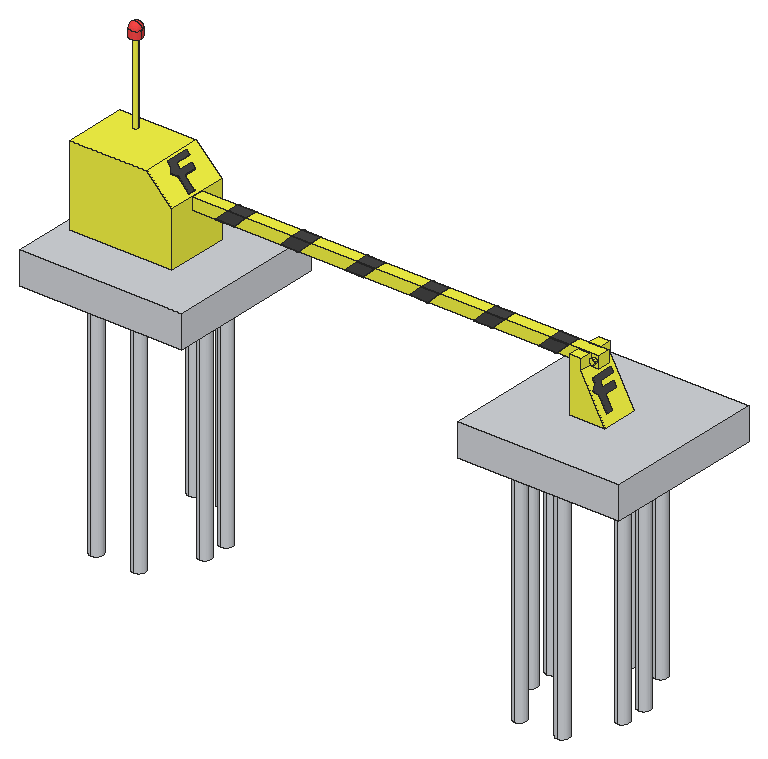
Revit family "ПТУ_свайный фундамент", category Специальное оборудование, Revit 2019
Family settings
  Размер круглого соединителя = Использовать диаметр
  Тип детали = Нормальный
  На основе рабочей плоскости = Нет
  Всегда вертикально = Нет
  При загрузке вырезать с полостями = Нет
  Общий = Нет
  Точка расчета площади = Нет
Parameters (values of type "ПТУ со свайным фундаментом., под 6000.,Тёплое исполнение")
  Расчет свай [instance] = rounddown(Длина стрелы / 2000 mm)  # 3
  Объём вынимаего грунта = 6.5  # constant formula
  Объём бетона = 0  # constant formula
  Длина стрелы = 6000 mm
  n рисунок [instance] = rounddown(Длина стрелы / 1000 mm)  # 6
  URL = "https://www.fensys.ru/produkciya/ptu/"
  ADSK_Обозначение = "ПТУ-Л 6000ТС"
  ADSK_Наименование = "Противотаранное устройство с вертикальным подъемом стрелы для остановки т/с массой 3,5 т на скорости 40 км/ч. Перекрываемый проезд 6 м. Электромеханический привод. В комплекте с фундаментом свайной конструкции. Высота стрелы над дорогой - 860 мм. Время закрывания 12 с. Потр. мощность 3 кВт. Температура эксплуатации -20°-+50°. В комплекте: ШУ, пост управления, ф/э безопасности, маячок."
  ADSK_Масса = 3400
  ADSK_Комплект = "ПТУ"  # constant formula
  ADSK_Код изделия = "53411"
  ADSK_Завод-изготовитель = "FENSYS"  # constant formula
  ADSK_Единица измерения = "шт."  # constant formula
Types (8, lengths in mm): name | Расчет свай | Длина стрелы | n рисунок | ADSK_Обозначение | ADSK_Наименование | ADSK_Масса | ADSK_Код изделия
  ПТУ со свайным фундаментом., под 6000.,Тёплое исполнение | 3 | 6000 | 6 | "ПТУ-Л 6000ТС" | "Противотаранное устройство с вертикальным подъемом стрелы для остановки т/с массой 3,5 т на скорости 40 км/ч. Перекрываемый проезд 6 м. Электромеханический привод. В комплекте с фундаментом свайной конструкции. Высота стрелы над дорогой - 860 мм. Время закрывания 12 с. Потр. мощность 3 кВт. Температура эксплуатации -20°-+50°. В комплекте: ШУ, пост управления, ф/э безопасности, маячок." | 3400 | "53411"
  ПТУ со свайным фундаментом., под 6000.,Холодное исполнение | 3 | 6000 | 6 | "ПТУ-Л 6000ХС" | "Противотаранное устройство с вертикальным подъемом стрелы для остановки т/с массой 3,5 т на скорости 40 км/ч. Перекрываемый проезд 6 м. Электромеханический привод. В комплекте с фундаментом свайной конструкции. Высота стрелы над дорогой - 860 мм. Время закрывания 12 с. Потр.мощность 5 кВт. Температура эксплуатации -55°-+50°. В комплекте: ШУ, пост управления, ф/э безопасности, маячок." | 3400 | "53403"
  ПТУ со свайным фундаментом., под 4000.,Тёплое исполнение | 2 | 4000 | 4 | "ПТУ-Л 4000ТС" | "Противотаранное устройство с вертикальным подъемом стрелы для остановки т/с массой 3,5 т на скорости 40 км/ч. Перекрываемый проезд 4 м. Электромеханический привод. В комплекте с фундаментом свайной конструкции. Высота стрелы над дорогой - 860 мм. Время закрывания 12 с. Потр. мощность 3 кВт. Температура эксплуатации -20°-+50°. В комплекте: ШУ, пост управления, ф/э безопасности, маячок." | 3150 | "53408"
  ПТУ со свайным фундаментом., под 4000.,Холодное исполнение | 2 | 4000 | 4 | "ПТУ-Л 4000ХС" | "Противотаранное устройство с вертикальным подъемом стрелы для остановки т/с массой 3,5 т на скорости 40 км/ч. Перекрываемый проезд 4 м. Электромеханический привод. В комплекте с фундаментом свайной конструкции. Высота стрелы над дорогой - 860 мм. Время закрывания 12 с. Потр.мощность 5 кВт. Температура эксплуатации -55-+50°. В комплекте: ШУ, пост управления, ф/э безопасности, маячок." | 3150 | "53400"
  ПТУ со свайным фундаментом., под 4500.,Тёплое исполнение | 2 | 4500 | 4 | "ПТУ-Л 4500ТС" | "Противотаранное устройство с вертикальным подъемом стрелы для остановки т/с массой 3,5 т на скорости 40 км/ч. Перекрываемый проезд 4,5 м. Электромеханический привод. В комплекте с фундаментом свайной конструкции. Высота стрелы над дорогой - 860 мм. Время закрывания 12 с. Потр. мощность 3 кВт. Температура эксплуатации -20°-+50°. В комплекте: ШУ, пост управления, ф/э безопасности, маячок." | 3200 | "53409"
  ПТУ со свайным фундаментом., под 4500.,Холодное исполнение | 2 | 4500 | 4 | "ПТУ-Л 4500ХС" | "Противотаранное устройство с вертикальным подъемом стрелы для остановки т/с массой 3,5 т на скорости 40 км/ч. Перекрываемый проезд 4,5 м. Электромеханический привод. В комплекте с фундаментом свайной конструкции. Высота стрелы над дорогой - 860 мм. Время закрывания 12 с. Потр.мощность 5 кВт. Температура эксплуатации -55°-+50°. В комплекте: ШУ, пост управления, ф/э безопасности, маячок." | 3200 | "53401"
  ПТУ со свайным фундаментом., под 5000.,Холодное исполнение | 2 | 5000 | 5 | "ПТУ-Л 5000ХС" | "Противотаранное устройство с вертикальным подъемом стрелы для остановки т/с массой 3,5 т на скорости 40 км/ч. Перекрываемый проезд 5 м. Электромеханический привод. В комплекте с фундаментом свайной конструкции. Высота стрелы над дорогой - 860 мм. Время закрывания 12 с. Потр.мощность 5 кВт. Температура эксплуатации -55°-+50°. В комплекте: ШУ, пост управления, ф/э безопасности, маячок." | 3250 | "53402"
  ПТУ со свайным фундаментом., под 5000.,Тёплое исполнение | 2 | 5000 | 5 | "ПТУ-Л 5000ТС" | "Противотаранное устройство с вертикальным подъемом стрелы для остановки т/с массой 3,5 т на скорости 40 км/ч. Перекрываемый проезд 5 м. Электромеханический привод. В комплекте с фундаментом свайной конструкции. Высота стрелы над дорогой - 860 мм. Время закрывания 12 с. Потр. мощность 3 кВт. Температура эксплуатации -20°-+50°. В комплекте: ШУ, пост управления, ф/э безопасности, маячок." | 3250 | "53410"
Reference planes
  plane 1 "По центру (Вперед/Назад)": y = 0
  plane 2: z = 0
  plane 3 "По центру (Влево/Вправо)": x = 0
  plane 4 "qq": through (-496.28, -2301.368, 1137.47) normal (0.7071, 0, 0.7071)
  plane 5 "xx": x = 6000
Forms (mm)
  Extrusion 1, solid, material "Жёлтый"
    sketch origin (0, 0, 0) x (1, 0, 0) y (0, 0, 1)
      loop
        line (0, 846.25) -> (-393.75, 1240) -> (-1575, 1240) -> (-1575, 0) -> (0, 0) -> (0, 846.25)
    from -480 to 480
  Extrusion 2, solid, material "Жёлтый"
    sketch origin (0, 0, -23.75) x (1, 0, 0) y (0, 0, 1)
      loop
        line (0, 690) -> (6305, 690) -> (6305, 870) -> (0, 870) -> (0, 690)
    from -100 to 100
  Extrusion 3, solid, material "Жёлтый"
    sketch origin (-283.927, 0, 0) x (1, 0, 0) y (0, 0, 1)
      loop
        circle (6530.851, 768.174) r 40
    from -150 to 150
  Extrusion 4, solid, material "Жёлтый"
    sketch origin (0, 10.914, 0) x (1, 0, 0) y (0, 1, 0)
      loop
        circle (-1165.563, 269.086) r 40
    from 1240 to 2500
  Revolve 5, solid, material "Красный"
    sketch origin (0, 280, -100.855) x (1, 0, 0) y (0, 0, 1)
      loop
        line (-1073.063, 2600.855) -> (-1073.063, 2716.582)
        arc (-1073.063, 2716.582) -> (-1100.155, 2781.989) -> (-1165.563, 2809.082) r 92.5
        line (-1165.563, 2809.082) -> (-1165.563, 2600.855) -> (-1073.063, 2600.855)
      axis (-1165.563, 2600.855) -> (-1165.563, 2809.082)
    angle from 0 to 360
  Extrusion 6, solid, material "Чёрный"
    sketch origin (-938.291, -850, 1784.541) x (-0.707107, 0, 0.707107) y (0, -1, 0)
      loop
        line (-804.098, -1090) -> (-804.098, -750)
        arc (-804.098, -750) -> (-807.027, -742.929) -> (-814.098, -740) r 10
        line (-814.098, -740) -> (-884.098, -740) -> (-954.809, -669.289) -> (-1025.519, -740) -> (-1275.519, -740)
        arc (-1275.519, -740) -> (-1282.59, -742.929) -> (-1285.519, -750) r 10
        line (-1285.519, -750) -> (-1285.519, -835)
        arc (-1285.519, -835) -> (-1282.59, -842.071) -> (-1275.519, -845) r 10
        line (-1275.519, -845) -> (-1075.519, -845)
        arc (-1075.519, -845) -> (-1068.448, -847.929) -> (-1065.519, -855) r 10
        line (-1065.519, -855) -> (-1065.519, -1045)
        arc (-1065.519, -1045) -> (-1062.59, -1052.071) -> (-1055.519, -1055) r 10
        line (-1055.519, -1055) -> (-980.519, -1055)
        arc (-980.519, -1055) -> (-973.448, -1052.071) -> (-970.519, -1045) r 10
        line (-970.519, -1045) -> (-970.519, -855)
        arc (-970.519, -855) -> (-967.59, -847.929) -> (-960.519, -845) r 10
        line (-960.519, -845) -> (-895.519, -845)
        arc (-895.519, -845) -> (-888.448, -847.929) -> (-885.519, -855) r 10
        line (-885.519, -855) -> (-885.519, -1090)
        arc (-885.519, -1090) -> (-882.59, -1097.071) -> (-875.519, -1100) r 10
        line (-875.519, -1100) -> (-814.098, -1100)
        arc (-814.098, -1100) -> (-807.027, -1097.071) -> (-804.098, -1090) r 10
    from 0 to 5
  Extrusion 7, solid, material "Чёрный"
    sketch origin (0, -100, -23.75) x (1, 0, 0) y (0, 0, 1)
      loop
        line (377.377, 690) -> (668.716, 690) -> (848.716, 870) -> (557.377, 870) -> (377.377, 690)
    from 0 to 1
  Extrusion 8, solid, material "Чёрный"
    sketch origin (0, 0, 846.25) x (1, 0, 0) y (0, 1, 0)
      loop
        line (848.497, -101) -> (848.497, 100) -> (557.398, 100) -> (557.398, -101) -> (848.497, -101)
    from 0 to 1
  Extrusion 9, solid, material "Чёрный"
    sketch origin (-1068.661, 0, 666.25) x (0, -1, 0) y (-1, 0, 0)
      loop
        line (101, -1737.377) -> (101, -1446.038) -> (-100, -1446.038) -> (-100, -1737.377) -> (101, -1737.377)
    from 0 to 1
  Extrusion 10, solid, material "Чёрный"
    sketch origin (-410.219, 100, -23.75) x (-1, 0, 0) y (0, 0, 1)
      loop
        line (-787.377, 690) -> (-967.377, 870) -> (-1258.716, 870) -> (-1078.716, 690) -> (-787.377, 690)
    from 0 to 1
  Extrusion 11, solid, material "Чёрный", not visible
    sketch origin (0, -100, -23.75) x (1, 0, 0) y (0, 0, 1)
      loop
        line (377.377, 690) -> (668.716, 690) -> (848.716, 870) -> (557.377, 870) -> (377.377, 690)
    from 0 to 1
  Extrusion 12, solid, material "Чёрный", not visible
    sketch origin (0, 0, 846.25) x (1, 0, 0) y (0, 1, 0)
      loop
        line (848.497, -101) -> (848.497, 100) -> (557.398, 100) -> (557.398, -101) -> (848.497, -101)
    from 0 to 1
  Extrusion 13, solid, material "Чёрный", not visible
    sketch origin (-1068.661, 0, 666.25) x (0, -1, 0) y (-1, 0, 0)
      loop
        line (101, -1737.377) -> (101, -1446.038) -> (-100, -1446.038) -> (-100, -1737.377) -> (101, -1737.377)
    from 0 to 1
  Extrusion 14, solid, material "Чёрный", not visible
    sketch origin (-410.219, 100, -23.75) x (-1, 0, 0) y (0, 0, 1)
      loop
        line (-787.377, 690) -> (-967.377, 870) -> (-1258.716, 870) -> (-1078.716, 690) -> (-787.377, 690)
    from 0 to 1
  Extrusion 15, solid, material "Чёрный"
    sketch origin (1000, -100, -23.75) x (1, 0, 0) y (0, 0, 1)
      loop
        line (377.377, 690) -> (668.716, 690) -> (848.716, 870) -> (557.377, 870) -> (377.377, 690)
    from 0 to 1
  Extrusion 16, solid, material "Чёрный"
    sketch origin (1000, 0, 846.25) x (1, 0, 0) y (0, 1, 0)
      loop
        line (848.497, -101) -> (848.497, 100) -> (557.398, 100) -> (557.398, -101) -> (848.497, -101)
    from 0 to 1
  Extrusion 17, solid, material "Чёрный"
    sketch origin (-68.661, 0, 666.25) x (0, -1, 0) y (-1, 0, 0)
      loop
        line (101, -1737.377) -> (101, -1446.038) -> (-100, -1446.038) -> (-100, -1737.377) -> (101, -1737.377)
    from 0 to 1
  Extrusion 18, solid, material "Чёрный"
    sketch origin (589.781, 100, -23.75) x (-1, 0, 0) y (0, 0, 1)
      loop
        line (-787.377, 690) -> (-967.377, 870) -> (-1258.716, 870) -> (-1078.716, 690) -> (-787.377, 690)
    from 0 to 1
  Extrusion 19, solid, material "Чёрный"
    sketch origin (2000, -100, -23.75) x (1, 0, 0) y (0, 0, 1)
      loop
        line (377.377, 690) -> (668.716, 690) -> (848.716, 870) -> (557.377, 870) -> (377.377, 690)
    from 0 to 1
  Extrusion 20, solid, material "Чёрный"
    sketch origin (2000, 0, 846.25) x (1, 0, 0) y (0, 1, 0)
      loop
        line (848.497, -101) -> (848.497, 100) -> (557.398, 100) -> (557.398, -101) -> (848.497, -101)
    from 0 to 1
  Extrusion 21, solid, material "Чёрный"
    sketch origin (931.339, 0, 666.25) x (0, -1, 0) y (-1, 0, 0)
      loop
        line (101, -1737.377) -> (101, -1446.038) -> (-100, -1446.038) -> (-100, -1737.377) -> (101, -1737.377)
    from 0 to 1
  Extrusion 22, solid, material "Чёрный"
    sketch origin (1589.781, 100, -23.75) x (-1, 0, 0) y (0, 0, 1)
      loop
        line (-787.377, 690) -> (-967.377, 870) -> (-1258.716, 870) -> (-1078.716, 690) -> (-787.377, 690)
    from 0 to 1
  Extrusion 23, solid, material "Чёрный"
    sketch origin (3000, -100, -23.75) x (1, 0, 0) y (0, 0, 1)
      loop
        line (377.377, 690) -> (668.716, 690) -> (848.716, 870) -> (557.377, 870) -> (377.377, 690)
    from 0 to 1
  Extrusion 24, solid, material "Чёрный"
    sketch origin (3000, 0, 846.25) x (1, 0, 0) y (0, 1, 0)
      loop
        line (848.497, -101) -> (848.497, 100) -> (557.398, 100) -> (557.398, -101) -> (848.497, -101)
    from 0 to 1
  Extrusion 25, solid, material "Чёрный"
    sketch origin (1931.339, 0, 666.25) x (0, -1, 0) y (-1, 0, 0)
      loop
        line (101, -1737.377) -> (101, -1446.038) -> (-100, -1446.038) -> (-100, -1737.377) -> (101, -1737.377)
    from 0 to 1
  Extrusion 26, solid, material "Чёрный"
    sketch origin (2589.781, 100, -23.75) x (-1, 0, 0) y (0, 0, 1)
      loop
        line (-787.377, 690) -> (-967.377, 870) -> (-1258.716, 870) -> (-1078.716, 690) -> (-787.377, 690)
    from 0 to 1
  Extrusion 27, solid
    sketch origin (-25, 0, -500) x (0, 1, 0) y (1, 0, 0)
      loop
        circle (950, 6454.206) r 100
    from 0 to 3500
  Extrusion 28, solid
    sketch origin (-25, 0, -500) x (0, 1, 0) y (1, 0, 0)
      loop
        circle (950, 5994.206) r 100
    from 0 to 3500
  Extrusion 29, solid
    sketch origin (-25, 0, -500) x (0, 1, 0) y (1, 0, 0)
      loop
        circle (206.855, 5370) r 100
    from 0 to 3500
  Extrusion 30, solid
    sketch origin (-25, 0, -500) x (0, 1, 0) y (1, 0, 0)
      loop
        circle (-206.855, 5370) r 100
    from 0 to 3500
  Extrusion 31, solid
    sketch origin (-25, 0, -500) x (0, 1, 0) y (1, 0, 0)
      loop
        circle (206.855, 6790) r 100
    from 0 to 3500
  Extrusion 32, solid
    sketch origin (-25, 0, -500) x (0, 1, 0) y (1, 0, 0)
      loop
        circle (-206.855, 6790) r 100
    from 0 to 3500
  Extrusion 33, solid
    sketch origin (-25, 0, -500) x (0, 1, 0) y (1, 0, 0)
      loop
        circle (-950, 5793.512) r 100
    from 0 to 3500
  Extrusion 34, solid
    sketch origin (-25, 0, -500) x (0, 1, 0) y (1, 0, 0)
      loop
        circle (-950, 6454.206) r 100
    from 0 to 3500
  Extrusion 35, solid
    sketch origin (4159.754, 0, -500) x (0, -1, 0) y (-1, 0, 0)
      loop
        circle (-950, 4954.206) r 100
    from 0 to 3500
  Extrusion 36, solid
    sketch origin (4159.754, 0, -500) x (0, -1, 0) y (-1, 0, 0)
      loop
        circle (-950, 4494.206) r 100
    from 0 to 3500
  Extrusion 37, solid
    sketch origin (4159.754, 0, -500) x (0, -1, 0) y (-1, 0, 0)
      loop
        circle (-206.855, 3870) r 100
    from 0 to 3500
  Extrusion 38, solid
    sketch origin (4159.754, 0, -500) x (0, -1, 0) y (-1, 0, 0)
      loop
        circle (206.855, 3870) r 100
    from 0 to 3500
  Extrusion 39, solid
    sketch origin (4159.754, 0, -500) x (0, -1, 0) y (-1, 0, 0)
      loop
        circle (950, 4293.512) r 100
    from 0 to 3500
  Extrusion 40, solid
    sketch origin (4159.754, 0, -500) x (0, -1, 0) y (-1, 0, 0)
      loop
        circle (950, 4954.206) r 100
    from 0 to 3500
  Extrusion 41, solid
    sketch origin (0, 0, 0) x (1, 0, 0) y (0, 1, 0)
      loop
        line (-1732.685, 1250) -> (-1732.685, -1250) -> (767.315, -1250) -> (767.315, 1250) -> (-1732.685, 1250)
      loop
        line (7547.715, 1250) -> (5047.715, 1250) -> (5047.715, -1250) -> (7547.715, -1250) -> (7547.715, 1250)
    from 0 to -500
  Extrusion 42, solid, material "Чёрный"
    sketch origin (4000, -100, -23.75) x (1, 0, 0) y (0, 0, 1)
      loop
        line (377.377, 690) -> (668.716, 690) -> (848.716, 870) -> (557.377, 870) -> (377.377, 690)
    from 0 to 1
  Extrusion 43, solid, material "Чёрный"
    sketch origin (4000, 0, 846.25) x (1, 0, 0) y (0, 1, 0)
      loop
        line (848.497, -101) -> (848.497, 100) -> (557.398, 100) -> (557.398, -101) -> (848.497, -101)
    from 0 to 1
  Extrusion 44, solid, material "Чёрный"
    sketch origin (2931.339, 0, 666.25) x (0, -1, 0) y (-1, 0, 0)
      loop
        line (101, -1737.377) -> (101, -1446.038) -> (-100, -1446.038) -> (-100, -1737.377) -> (101, -1737.377)
    from 0 to 1
  Extrusion 45, solid, material "Чёрный"
    sketch origin (3589.781, 100, -23.75) x (-1, 0, 0) y (0, 0, 1)
      loop
        line (-787.377, 690) -> (-967.377, 870) -> (-1258.716, 870) -> (-1078.716, 690) -> (-787.377, 690)
    from 0 to 1
  Extrusion 46, solid, material "Чёрный"
    sketch origin (5000, -100, -23.75) x (1, 0, 0) y (0, 0, 1)
      loop
        line (377.377, 690) -> (668.716, 690) -> (848.716, 870) -> (557.377, 870) -> (377.377, 690)
    from 0 to 1
  Extrusion 47, solid, material "Чёрный"
    sketch origin (5000, 0, 846.25) x (1, 0, 0) y (0, 1, 0)
      loop
        line (848.497, -101) -> (848.497, 100) -> (557.398, 100) -> (557.398, -101) -> (848.497, -101)
    from 0 to 1
  Extrusion 48, solid, material "Чёрный"
    sketch origin (3931.339, 0, 666.25) x (0, -1, 0) y (-1, 0, 0)
      loop
        line (101, -1737.377) -> (101, -1446.038) -> (-100, -1446.038) -> (-100, -1737.377) -> (101, -1737.377)
    from 0 to 1
  Extrusion 49, solid, material "Чёрный"
    sketch origin (4589.781, 100, -23.75) x (-1, 0, 0) y (0, 0, 1)
      loop
        line (-787.377, 690) -> (-967.377, 870) -> (-1258.716, 870) -> (-1078.716, 690) -> (-787.377, 690)
    from 0 to 1
Cuts and joins
  joined: Extrusion 2, Extrusion 3
Lines and regions (mm)
  model lines
    curve 1: line (-393.75, -480, 1120) -> (-533.75, -480, 1120)
    curve 2: line (-393.75, -480, 1120) -> (-82.623, -480, 808.873)
    curve 3: line (-82.623, -480, 808.873) -> (-82.623, -480, 108.873)
    curve 4: line (-82.623, -480, 108.873) -> (-533.75, -480, 108.873)
    curve 5: line (-533.75, -480, 108.873) -> (-533.75, -480, 1120)
    curve 6: circle (-508.265, -480, 1016.19) r 5 normal (0, -1, 0)
    curve 7: circle (-508.265, -480, 616.19) r 5 normal (0, -1, 0)
    curve 8: circle (-508.265, -480, 196.19) r 5 normal (0, -1, 0)
    curve 9: circle (-437.554, -480, 125.48) r 5 normal (0, -1, 0)
    curve 10: circle (-312.554, -480, 125.48) r 5 normal (0, -1, 0)
    curve 11: circle (-187.554, -480, 125.48) r 5 normal (0, -1, 0)
    curve 12: circle (-393.265, -480, 1016.19) r 5 normal (0, -1, 0)
    curve 13: circle (-276.592, -480, 899.518) r 5 normal (0, -1, 0)
    curve 14: circle (-149.313, -480, 772.238) r 5 normal (0, -1, 0)
    curve 15: circle (-149.313, -480, 592.238) r 5 normal (0, -1, 0)
    curve 16: circle (-149.313, -480, 392.238) r 5 normal (0, -1, 0)
    curve 17: line (-393.75, 480, 1120) -> (-533.75, 480, 1120)
    curve 18: line (-393.75, 480, 1120) -> (-82.623, 480, 808.873)
    curve 19: line (-82.623, 480, 108.873) -> (-533.75, 480, 108.873)
    curve 20: line (-533.75, 480, 108.873) -> (-533.75, 480, 1120)
    curve 21: circle (-508.265, 480, 1016.19) r 5 normal (0, -1, 0)
    curve 22: circle (-508.265, 480, 616.19) r 5 normal (0, -1, 0)
    curve 23: circle (-508.265, 480, 196.19) r 5 normal (0, -1, 0)
    curve 24: circle (-437.554, 480, 125.48) r 5 normal (0, -1, 0)
    curve 25: circle (-312.554, 480, 125.48) r 5 normal (0, -1, 0)
    curve 26: circle (-187.554, 480, 125.48) r 5 normal (0, -1, 0)
    curve 27: circle (-393.265, 480, 1016.19) r 5 normal (0, -1, 0)
    curve 28: circle (-276.592, 480, 899.518) r 5 normal (0, -1, 0)
    curve 29: circle (-149.313, 480, 772.238) r 5 normal (0, -1, 0)
    curve 30: circle (-149.313, 480, 592.238) r 5 normal (0, -1, 0)
    curve 31: circle (-149.313, 480, 392.238) r 5 normal (0, -1, 0)
    curve 32: line (-82.623, -480, 808.873) -> (-82.623, -480, 108.873)
Dimensions and locks
  "Длина стрелы": plane 5 "xx" to plane 3 "По центру (Влево/Вправо)"
  locked: cut or joined group of Extrusion 2, Extrusion 3 to plane 5 "xx" at 305  (x2)
  locked: Extrusion 3 sketch curve to plane 5 "xx" at 246.924
  equal spacing: group 1, group 3, group 4, group 5, group 6, group 7  (x3)
  locked: plane 3 "По центру (Влево/Вправо)" to Extrusion 41 at 767.315
  locked: Extrusion 41 to plane 5 "xx" at 952.285
  aligned and locked: level to plane 2
  aligned and locked: Extrusion 4 to Extrusion 1
  aligned and locked: Revolve 5 to Extrusion 4
  aligned and locked: plane 5 "xx" to nested 1
Automatic sketch dimensions
  Extrusion 7 sketch curve to Extrusion 7 sketch curve = 180 mm  (x3)
  Extrusion 7 sketch curve to Extrusion 7 sketch curve = 111.339 mm
  Extrusion 8 sketch curve to Extrusion 8 sketch curve = 291.1 mm
  Extrusion 9 sketch curve to Extrusion 9 sketch curve = 291.339 mm
  Extrusion 10 sketch curve to Extrusion 10 sketch curve = 180 mm  (x3)
  Extrusion 10 sketch curve to Extrusion 10 sketch curve = 111.339 mm
  Extrusion 8 sketch curve to Extrusion 8 sketch curve = 201 mm
  Extrusion 9 sketch curve to Extrusion 9 sketch curve = 201 mm
  Extrusion 11 sketch curve to Extrusion 11 sketch curve = 180 mm  (x3)
  Extrusion 11 sketch curve to Extrusion 11 sketch curve = 111.339 mm
  Extrusion 12 sketch curve to Extrusion 12 sketch curve = 291.1 mm
  Extrusion 13 sketch curve to Extrusion 13 sketch curve = 291.339 mm
  Extrusion 14 sketch curve to Extrusion 14 sketch curve = 180 mm  (x3)
  Extrusion 14 sketch curve to Extrusion 14 sketch curve = 111.339 mm
  Extrusion 12 sketch curve to Extrusion 12 sketch curve = 201 mm
  Extrusion 13 sketch curve to Extrusion 13 sketch curve = 201 mm
  Extrusion 15 sketch curve to Extrusion 15 sketch curve = 180 mm  (x3)
  Extrusion 15 sketch curve to Extrusion 15 sketch curve = 111.339 mm
  Extrusion 16 sketch curve to Extrusion 16 sketch curve = 291.1 mm
  Extrusion 17 sketch curve to Extrusion 17 sketch curve = 291.339 mm
  Extrusion 18 sketch curve to Extrusion 18 sketch curve = 180 mm  (x3)
  Extrusion 18 sketch curve to Extrusion 18 sketch curve = 111.339 mm
  Extrusion 16 sketch curve to Extrusion 16 sketch curve = 201 mm
  Extrusion 17 sketch curve to Extrusion 17 sketch curve = 201 mm
  Extrusion 19 sketch curve to Extrusion 19 sketch curve = 180 mm  (x3)
  Extrusion 19 sketch curve to Extrusion 19 sketch curve = 111.339 mm
  Extrusion 20 sketch curve to Extrusion 20 sketch curve = 291.1 mm
  Extrusion 21 sketch curve to Extrusion 21 sketch curve = 291.339 mm
  Extrusion 22 sketch curve to Extrusion 22 sketch curve = 180 mm  (x3)
  Extrusion 22 sketch curve to Extrusion 22 sketch curve = 111.339 mm
  Extrusion 20 sketch curve to Extrusion 20 sketch curve = 201 mm
  Extrusion 21 sketch curve to Extrusion 21 sketch curve = 201 mm
  Extrusion 23 sketch curve to Extrusion 23 sketch curve = 180 mm  (x3)
  Extrusion 23 sketch curve to Extrusion 23 sketch curve = 111.339 mm
  Extrusion 24 sketch curve to Extrusion 24 sketch curve = 291.1 mm
  Extrusion 25 sketch curve to Extrusion 25 sketch curve = 291.339 mm
  Extrusion 26 sketch curve to Extrusion 26 sketch curve = 180 mm  (x3)
  Extrusion 26 sketch curve to Extrusion 26 sketch curve = 111.339 mm
  Extrusion 24 sketch curve to Extrusion 24 sketch curve = 201 mm
  Extrusion 25 sketch curve to Extrusion 25 sketch curve = 201 mm
  Extrusion 1 sketch curve to level = 0 mm
  Extrusion 1 sketch curve to plane 3 "По центру (Влево/Вправо)" = 0 mm
  Extrusion 1 sketch curve to plane 3 "По центру (Влево/Вправо)" = 393.75 mm
  Extrusion 1 sketch curve to plane 3 "По центру (Влево/Вправо)" = 1575 mm
  level to Extrusion 1 sketch curve = 846.25 mm
  Extrusion 1 sketch curve to Extrusion 1 sketch curve = 393.75 mm
  Extrusion 2 sketch curve to plane 3 "По центру (Влево/Вправо)" = 0 mm
  plane 5 "xx" to Extrusion 2 sketch curve = 305 mm
  level to Extrusion 2 sketch curve = 666.25 mm
  Extrusion 2 sketch curve to Extrusion 2 sketch curve = 180 mm
  curve 1 to Extrusion 1 = 120 mm
  curve 1 to Extrusion 1 = 533.75 mm
  curve 4 to curve 8 = 25.485 mm
  curve 7 to curve 8 = 0 mm
  curve 1 to curve 6 = 25.485 mm
  curve 4 to curve 9 = 96.196 mm
  curve 1 to curve 2 = 140 mm
  curve 1 to curve 12 = 0.485 mm
  curve 9 to curve 10 = 125 mm
  curve 12 to curve 13 = 116.673 mm
  curve 10 to curve 11 = 125 mm
  curve 16 to Extrusion 1 = 149.313 mm
  curve 14 to Extrusion 1 = 149.313 mm
  curve 15 to Extrusion 1 = 149.313 mm
  curve 14 to curve 3 = 66.69 mm
  curve 12 to curve 1 = 103.81 mm
  curve 6 to curve 1 = 103.81 mm
  curve 13 to curve 12 = 116.673 mm
  curve 3 to curve 13 = 90.645 mm
  curve 14 to curve 2 = 36.635 mm
  curve 7 to curve 13 = 283.327 mm
  curve 15 to curve 14 = 180 mm
  curve 16 to curve 15 = 200 mm
  curve 8 to Extrusion 1 = 196.19 mm
  curve 10 to Extrusion 1 = 125.48 mm
  curve 9 to curve 8 = 70.711 mm
  curve 11 to curve 10 = 0 mm
  curve 5 to curve 8 = 87.317 mm
  curve 17 to plane 3 "По центру (Влево/Вправо)" = 533.75 mm
  curve 19 to curve 23 = 25.485 mm
  curve 23 to curve 22 = 0 mm
  curve 17 to curve 21 = 25.485 mm
  curve 19 to curve 24 = 96.196 mm
  curve 17 to curve 18 = 140 mm
  curve 17 to curve 27 = 0.485 mm
  curve 24 to curve 25 = 125 mm
  curve 27 to curve 28 = 116.673 mm  (x2)
  curve 25 to curve 26 = 125 mm
  curve 31 to plane 3 "По центру (Влево/Вправо)" = 149.313 mm
  curve 30 to plane 3 "По центру (Влево/Вправо)" = 149.313 mm
  curve 29 to plane 3 "По центру (Влево/Вправо)" = 149.313 mm
  level to curve 17 = 1120 mm
  curve 17 to curve 21 = 103.81 mm
  curve 17 to curve 27 = 103.81 mm
  curve 28 to curve 29 = 127.279 mm
  curve 28 to curve 22 = 283.327 mm
  curve 29 to curve 30 = 180 mm
  curve 30 to curve 31 = 200 mm
  level to curve 23 = 196.19 mm
  level to curve 25 = 125.48 mm
  curve 23 to curve 24 = 70.711 mm
  curve 26 to curve 25 = 0 mm
  curve 23 to curve 20 = 87.317 mm
  curve 19 to plane 3 "По центру (Влево/Вправо)" = 82.623 mm
  curve 29 to curve 18 = 66.69 mm
  curve 18 to curve 29 = 36.635 mm
  curve 32 to plane 3 "По центру (Влево/Вправо)" = 82.623 mm
  level to curve 32 = 108.873 mm
  curve 32 to curve 32 = 700 mm
  level to Extrusion 3 sketch curve = 768.174 mm
  Extrusion 4 sketch curve to plane 1 "По центру (Вперед/Назад)" = 280 mm
  Extrusion 4 sketch curve to plane 3 "По центру (Влево/Вправо)" = 1165.563 mm
  Revolve 5 sketch curve to plane 3 "По центру (Влево/Вправо)" = 1165.563 mm
  Revolve 5 sketch curve to Revolve 5 sketch curve = 92.5 mm
  level to Revolve 5 sketch curve = 2500 mm
  Revolve 5 sketch curve to Revolve 5 sketch curve = 115.727 mm
  Revolve 5 sketch curve to Revolve 5 sketch curve = 0 mm
  Revolve 5 sketch curve to Revolve 5 sketch curve = 30 mm
  Revolve 5 sketch curve to Revolve 5 sketch curve = 130 mm
  Extrusion 1 to Extrusion 6 sketch curve = 41.424 mm
  Extrusion 6 sketch curve to Extrusion 6 sketch curve = 10 mm  (x8)
  Extrusion 6 sketch curve to Extrusion 6 sketch curve = 200 mm
  Extrusion 6 sketch curve to Extrusion 6 sketch curve = 50 mm
  Extrusion 6 sketch curve to Extrusion 6 sketch curve = 75 mm
  Extrusion 6 sketch curve to Extrusion 6 sketch curve = 95 mm  (x2)
  Extrusion 6 sketch curve to Extrusion 6 sketch curve = 70.711 mm  (x2)
  Extrusion 6 sketch curve to Extrusion 6 sketch curve = 65 mm
  Extrusion 6 sketch curve to Extrusion 1 = 44.001 mm  (x2)
  Extrusion 1 to Extrusion 6 sketch curve = 230 mm
  Extrusion 6 sketch curve to Extrusion 6 sketch curve = 35 mm
  Extrusion 6 sketch curve to Extrusion 6 sketch curve = 190 mm
  Extrusion 6 sketch curve to Extrusion 6 sketch curve = 0 mm
  Extrusion 6 sketch curve to Extrusion 6 sketch curve = 85 mm
  plane 5 "xx" to Extrusion 27 sketch curve = 429.206 mm
  Extrusion 27 sketch curve to plane 1 "По центру (Вперед/Назад)" = 950 mm
  Extrusion 28 sketch curve to plane 5 "xx" = 30.794 mm
  Extrusion 28 sketch curve to plane 1 "По центру (Вперед/Назад)" = 950 mm
  Extrusion 29 sketch curve to plane 1 "По центру (Вперед/Назад)" = 206.855 mm
  Extrusion 29 sketch curve to plane 5 "xx" = 655 mm
  plane 1 "По центру (Вперед/Назад)" to Extrusion 30 sketch curve = 206.855 mm
  Extrusion 30 sketch curve to plane 5 "xx" = 655 mm
  Extrusion 31 sketch curve to plane 1 "По центру (Вперед/Назад)" = 206.855 mm
  plane 5 "xx" to Extrusion 31 sketch curve = 765 mm
  plane 1 "По центру (Вперед/Назад)" to Extrusion 32 sketch curve = 206.855 mm
  plane 5 "xx" to Extrusion 32 sketch curve = 765 mm
  Extrusion 33 sketch curve to plane 5 "xx" = 231.488 mm
  plane 1 "По центру (Вперед/Назад)" to Extrusion 33 sketch curve = 950 mm
  plane 5 "xx" to Extrusion 34 sketch curve = 429.206 mm
  plane 1 "По центру (Вперед/Назад)" to Extrusion 34 sketch curve = 950 mm
  Extrusion 35 sketch curve to plane 1 "По центру (Вперед/Назад)" = 950 mm
  Extrusion 35 sketch curve to plane 3 "По центру (Влево/Вправо)" = 794.452 mm
  Extrusion 36 sketch curve to plane 3 "По центру (Влево/Вправо)" = 334.452 mm
  Extrusion 36 sketch curve to plane 1 "По центру (Вперед/Назад)" = 950 mm
  Extrusion 37 sketch curve to plane 1 "По центру (Вперед/Назад)" = 206.855 mm
  plane 3 "По центру (Влево/Вправо)" to Extrusion 37 sketch curve = 289.754 mm
  plane 1 "По центру (Вперед/Назад)" to Extrusion 38 sketch curve = 206.855 mm
  plane 3 "По центру (Влево/Вправо)" to Extrusion 38 sketch curve = 289.754 mm
  Extrusion 39 sketch curve to plane 3 "По центру (Влево/Вправо)" = 133.758 mm
  plane 1 "По центру (Вперед/Назад)" to Extrusion 39 sketch curve = 950 mm
  plane 1 "По центру (Вперед/Назад)" to Extrusion 40 sketch curve = 950 mm
  Extrusion 40 sketch curve to plane 3 "По центру (Влево/Вправо)" = 794.452 mm
  Extrusion 41 sketch curve to plane 3 "По центру (Влево/Вправо)" = 1732.685 mm
  plane 3 "По центру (Влево/Вправо)" to Extrusion 41 sketch curve = 767.315 mm
  Extrusion 41 sketch curve to plane 5 "xx" = 952.285 mm
  plane 5 "xx" to Extrusion 41 sketch curve = 1547.715 mm
  plane 1 "По центру (Вперед/Назад)" to Extrusion 41 sketch curve = 1250 mm  (x2)
  Extrusion 41 sketch curve to plane 1 "По центру (Вперед/Назад)" = 1250 mm  (x2)
  Extrusion 42 sketch curve to Extrusion 42 sketch curve = 180 mm  (x3)
  Extrusion 42 sketch curve to Extrusion 42 sketch curve = 111.339 mm
  Extrusion 43 sketch curve to Extrusion 43 sketch curve = 291.1 mm
  Extrusion 44 sketch curve to Extrusion 44 sketch curve = 291.339 mm
  Extrusion 45 sketch curve to Extrusion 45 sketch curve = 180 mm  (x3)
  Extrusion 45 sketch curve to Extrusion 45 sketch curve = 111.339 mm
  Extrusion 43 sketch curve to Extrusion 43 sketch curve = 201 mm
  Extrusion 44 sketch curve to Extrusion 44 sketch curve = 201 mm
  Extrusion 46 sketch curve to Extrusion 46 sketch curve = 180 mm  (x3)
  Extrusion 46 sketch curve to Extrusion 46 sketch curve = 111.339 mm
  Extrusion 47 sketch curve to Extrusion 47 sketch curve = 291.1 mm
  Extrusion 48 sketch curve to Extrusion 48 sketch curve = 291.339 mm
  Extrusion 49 sketch curve to Extrusion 49 sketch curve = 180 mm  (x3)
  Extrusion 49 sketch curve to Extrusion 49 sketch curve = 111.339 mm
  Extrusion 47 sketch curve to Extrusion 47 sketch curve = 201 mm
  Extrusion 48 sketch curve to Extrusion 48 sketch curve = 201 mm
  radius of curve 6 = 5 mm
  radius of curve 7 = 5 mm
  radius of curve 8 = 5 mm
  radius of curve 9 = 5 mm
  radius of curve 10 = 5 mm
  radius of curve 11 = 5 mm
  radius of curve 12 = 5 mm
  radius of curve 13 = 5 mm
  radius of curve 14 = 5 mm
  radius of curve 15 = 5 mm
  radius of curve 16 = 5 mm
  radius of curve 21 = 5 mm
  radius of curve 22 = 5 mm
  radius of curve 23 = 5 mm
  radius of curve 24 = 5 mm
  radius of curve 25 = 5 mm
  radius of curve 26 = 5 mm
  radius of curve 27 = 5 mm
  radius of curve 28 = 5 mm
  radius of curve 29 = 5 mm
  radius of curve 30 = 5 mm
  radius of curve 31 = 5 mm
  radius of Extrusion 3 sketch curve = 40 mm
  radius of Extrusion 4 sketch curve = 40 mm
  radius of Extrusion 27 sketch curve = 100 mm
  radius of Extrusion 28 sketch curve = 100 mm
  radius of Extrusion 29 sketch curve = 100 mm
  radius of Extrusion 30 sketch curve = 100 mm
  radius of Extrusion 31 sketch curve = 100 mm
  radius of Extrusion 32 sketch curve = 100 mm
  radius of Extrusion 33 sketch curve = 100 mm
  radius of Extrusion 34 sketch curve = 100 mm
  radius of Extrusion 35 sketch curve = 100 mm
  radius of Extrusion 36 sketch curve = 100 mm
  radius of Extrusion 37 sketch curve = 100 mm
  radius of Extrusion 38 sketch curve = 100 mm
  radius of Extrusion 39 sketch curve = 100 mm
  radius of Extrusion 40 sketch curve = 100 mm
Nested families
  nested 1: "Упор" at (6000, 0, 0), type "Отдельные фундаменты"
    with Тёплое исполнение ""
Definition of nested family "Упор"
  Parameters (values of type "Общий фундамент")
    Тёплое исполнение [instance] = ""
    Объём вынимаего грунта = 0
    Объём бетона = 0
    URL = "https://www.fensys.ru/produkciya/ptu/"
    ADSK_Обозначение = ""
    ADSK_Наименование = "ПТУ-Л_Общий фундамент"
    ADSK_Масса = 0
    ADSK_Комплект = "\"ПТУ\""
    ADSK_Код изделия = ""
    ADSK_Завод-изготовитель = "FENSYS"  # constant formula
    ADSK_Единица измерения = "шт."  # constant formula
  Types (3, lengths in mm): name | ADSK_Наименование | ADSK_Комплект
    (no name) | "ПТУ-Л_Общий фундамент" | "\"ПТУ\""
    Отдельные фундаменты | "ПТУ-Л_Отдельные фундаменты" | ""
    Общий фундамент | "ПТУ-Л_Общий фундамент" | "\"ПТУ\""
  Reference planes
    plane 1 "По центру (Вперед/Назад)": y = 0
    plane 2: z = 0
    plane 3 "По центру (Влево/Вправо)": x = 0
  Forms (mm)
    Extrusion 1, solid
      sketch origin (-6120, 0, 0) x (1, 0, 0) y (0, 0, 1)
        loop
          line (6120, 0) -> (6665, 0) -> (6300, 690) -> (6300, 846.25) -> (6120, 846.25) -> (6120, 0)
      from -280 to 280
    Extrusion 2, void
      sketch origin (-6120, 0, 0) x (1, 0, 0) y (0, 1, 0)
        loop
          line (6120, 100) -> (6120, -100) -> (6300, -100) -> (6300, 100) -> (6120, 100)
      from 690 to 846.25
    Extrusion 3, solid
      sketch origin (180, 0, 690) x (0.467593, 0, -0.883944) y (0, 1, 0)
        loop
          line (153.249, 189.629) -> (153.249, -150.371)
          arc (153.249, -150.371) -> (156.178, -157.442) -> (163.249, -160.371) r 10
          line (163.249, -160.371) -> (233.249, -160.371) -> (303.96, -231.082) -> (374.67, -160.371) -> (624.67, -160.371)
          arc (624.67, -160.371) -> (631.741, -157.442) -> (634.67, -150.371) r 10
          line (634.67, -150.371) -> (634.67, -65.371)
          arc (634.67, -65.371) -> (631.741, -58.3) -> (624.67, -55.371) r 10
          line (624.67, -55.371) -> (424.67, -55.371)
          arc (424.67, -55.371) -> (417.599, -52.442) -> (414.67, -45.371) r 10
          line (414.67, -45.371) -> (414.67, 144.629)
          arc (414.67, 144.629) -> (411.741, 151.7) -> (404.67, 154.629) r 10
          line (404.67, 154.629) -> (329.67, 154.629)
          arc (329.67, 154.629) -> (322.599, 151.7) -> (319.67, 144.629) r 10
          line (319.67, 144.629) -> (319.67, -45.371)
          arc (319.67, -45.371) -> (316.741, -52.442) -> (309.67, -55.371) r 10
          line (309.67, -55.371) -> (244.67, -55.371)
          arc (244.67, -55.371) -> (237.599, -52.442) -> (234.67, -45.371) r 10
          line (234.67, -45.371) -> (234.67, 189.629)
          arc (234.67, 189.629) -> (231.741, 196.7) -> (224.67, 199.629) r 10
          line (224.67, 199.629) -> (163.249, 199.629)
          arc (163.249, 199.629) -> (156.178, 196.7) -> (153.249, 189.629) r 10
      from 0 to 5
  Cuts and joins
    Extrusion 2 cuts Extrusion 1
  Dimensions and locks
    cut or joined group of Extrusion 1, Extrusion 2 to plane 3 "По центру (Влево/Вправо)" = 0 mm
    locked: Extrusion 1 sketch curve to Extrusion 1 sketch curve at 545
    aligned and locked: level to plane 2
    aligned and locked: Extrusion 3 to cut or joined group of Extrusion 1, Extrusion 2
